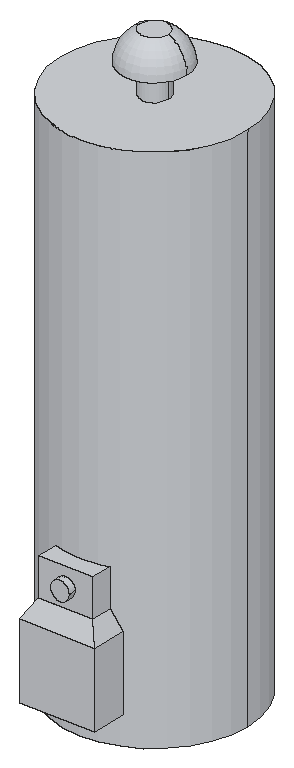
Revit family "M_Aquecedor de água", category Equipamento mecânico, Revit 2019
Family settings
  Cota do conector redondo = Usar raio
  Tipo de parte = Normal
  Número OmniClass = 23.65.35.11.11
  Título OmniClass = Storage Water Heaters
  ID de item do Seek = Water Heater-0000-CAN-ENU
  Com base no plano de trabalho = Não
  Sempre na vertical = Sim
  Corte com vazios quando carregada = Não
  Compartilhado = Não
  Ponto de cálculo do ambiente = Não
Parameters (values of type "152 L")
  Raio do aquecedor de água = 254 mm
  Material do aquecedor de água = none
  Altura do aquecedor de água = 1448 mm
  Raio do sanitário = 7.5 mm
  Diâmetro do sanitário = Raio do sanitário * 2  # 15 mm
  Voltagem = 240 V
  Raio da ventilação = 40 mm
  Diâmetro da ventilação = Raio da ventilação * 2  # 80 mm
  Número de pólos = 2
  Classificação de carga = Eletrodoméstico - Unidade de interrupção
  Raio da água quente = 10 mm
  Diâmetro da água quente = Raio da água quente * 2  # 20 mm
  Raio da água gelada = 10 mm
  Diâmetro da água gelada = Raio da água gelada * 2  # 20 mm
  Carga aparente = 4500 VA
Types (5, lengths in mm): name | Raio do aquecedor de água | Altura do aquecedor de água | Raio da ventilação | Diâmetro da ventilação | Raio da água quente | Diâmetro da água quente | Raio da água gelada | Diâmetro da água gelada
  (no name) | 254 | 1448 | 40 | 80 | 10 | 20 | 10 | 20
  152 L | 254 | 1448 | 40 | 80 | 10 | 20 | 10 | 20
  190 L | 279 | 1467 | 40 | 80 | 10 | 20 | 10 | 20
  285 L | 324 | 1492 | 50 | 100 | 12.5 | 25 | 12.5 | 25
  380 L | 337 | 1696 | 50 | 100 | 16 | 32 | 16 | 32
Reference planes
  plane 1 "Centro (Frente/Trás)": y = 0
  plane 2: z = 0
  plane 3 "Centro (Esquerda/Direita)": x = 0
  plane 4: z = 1448
  plane 5: z = 1524.2
  plane 6: z = 76.2
  plane 7: z = 279.4
  plane 8: z = 330.2
  plane 9: z = 431.8
  plane 10: x = -101.6
  plane 11: x = 101.6
  plane 12: y = -254
  plane 13: y = -327.819
  plane 14: x = -73.025
  plane 15: x = 73.025
  plane 16: y = -300.831
  plane 17: z = 381
  plane 18: y = -319.881
  plane 19: x = -254
  plane 20: x = 254
  plane 21: x = -152.4
  plane 22: x = 152.4
  plane 23: x = 38.1
  plane 24: x = -38.1
  plane 25: z = 1604.522
Forms (mm)
  Extrusion 1, solid, material <- "Material do aquecedor de água"
    sketch origin (0, 0, 0) x (1, 0, 0) y (0, 1, 0)
      loop
        circle (0, 0) r 254
    from 0 to 1448
  Extrusion 2, solid, material <- "Material do aquecedor de água"
    sketch origin (828.204, 0, 1612.9) x (1, 0, 0) y (0, 1, 0)
      loop
        circle (-828.204, 0) r 38.1
    from -164.9 to -8.378
  Extrusion 3, solid, material <- "Material do aquecedor de água"
    sketch origin (828.204, 0, 1612.9) x (1, 0, 0) y (0, 1, 0)
      loop
        line (-929.804, -232.795) -> (-929.804, -327.819) -> (-726.604, -327.819) -> (-726.604, -232.795)
        arc (-726.604, -232.795) -> (-828.204, -254) -> (-929.804, -232.795) r 254
    from -1536.7 to -1333.5
  Extrusion 4, solid, material <- "Material do aquecedor de água"
    sketch origin (828.204, 0, 1612.9) x (1, 0, 0) y (0, 1, 0)
      loop
        line (-901.229, -243.276) -> (-901.229, -300.831) -> (-755.179, -300.831) -> (-755.179, -243.276)
        arc (-755.179, -243.276) -> (-828.204, -254) -> (-901.229, -243.276) r 254
    from -1282.7 to -1181.1
  Blend 5, solid, material <- "Material do aquecedor de água"
    base sketch origin (828.204, 0, 1612.9) x (1, 0, 0) y (0, 1, 0)
      loop
        line (-901.229, -243.276) -> (-901.229, -300.831) -> (-755.179, -300.831) -> (-755.179, -243.276)
        arc (-755.179, -243.276) -> (-828.204, -254) -> (-901.229, -243.276) r 254
    top sketch origin (828.204, 0, 1612.9) x (1, 0, 0) y (0, 1, 0)
      loop
        line (-929.804, -232.795) -> (-929.804, -327.819) -> (-726.604, -327.819) -> (-726.604, -232.795)
        arc (-726.604, -232.795) -> (-828.204, -254) -> (-929.804, -232.795) r 254
    from -1282.7 to -1333.5
  Extrusion 6, solid, material <- "Material do aquecedor de água"
    sketch origin (0, 0, 0) x (1, 0, 0) y (0, 0, 1)
      loop
        circle (0, 381) r 25.4
    from 319.881 to 300.831
  Revolve 7, solid, material <- "Material do aquecedor de água"
    sketch origin (0, 0, 0) x (1, 0, 0) y (0, 0, 1)
      loop
        arc (88.9, 1524.2) -> (75.134, 1571.719) -> (38.1, 1604.522) r 88.9
        line (38.1, 1604.522) -> (38.1, 1524.2) -> (88.9, 1524.2)
      axis (0, 1604.522) -> (0, 1524.2)
    angle from 0 to 360
  Extrusion 8, solid, material <- "Material do aquecedor de água"
    sketch origin (388.619, 0, 1612.9) x (1, 0, 0) y (0, 1, 0)
      loop
        circle (-541.019, 0) r 12.7
    from -192.597 to -164.9
  Extrusion 9, solid, material <- "Material do aquecedor de água"
    sketch origin (-388.619, 0, 1612.9) x (-1, 0, 0) y (0, -1, 0)
      loop
        circle (-541.019, 0) r 12.7
    from -192.597 to -164.9
  Extrusion 10, solid, material <- "Material do aquecedor de água"
    sketch origin (388.619, 0, 1612.9) x (1, 0, 0) y (0, 1, 0)
      loop
        circle (-388.619, 0) r 6.35
    from -25.4 to -8.378
Cuts and joins
  joined: Extrusion 2, Extrusion 3, Extrusion 4, Extrusion 6, Revolve 7, Extrusion 10
  joined: Extrusion 1, Extrusion 8, Extrusion 9
Lines and regions (mm)
  symbolic lines
    curve 1: circle (0, 0, 1612.9) r 254 normal (0, 0, 1)
  symbolic lines, detail levels fine
    curve 2: circle (0, 0, 1612.9) r 38.1 normal (0, 0, 1)
    curve 3: circle (0, 0, 1612.9) r 88.9 normal (0, 0, 1)
    curve 4: line (-101.6, -232.795, 1612.9) -> (-101.6, -327.819, 1612.9)
    curve 5: line (-101.6, -327.819, 1612.9) -> (101.6, -327.819, 1612.9)
    curve 6: line (101.6, -327.819, 1612.9) -> (101.6, -232.795, 1612.9)
    curve 7: line (73.025, -243.276, 1612.9) -> (73.025, -300.831, 1612.9)
    curve 8: line (73.025, -300.831, 1612.9) -> (-73.025, -300.831, 1612.9)
    curve 9: line (-73.025, -300.831, 1612.9) -> (-73.025, -243.276, 1612.9)
    curve 10: line (-73.025, -300.831, 1612.9) -> (-99.966, -327.772, 1612.9)
    curve 11: line (73.025, -300.831, 1612.9) -> (100.013, -327.819, 1612.9)
    curve 12: line (-25.4, -319.881, 1612.9) -> (25.4, -319.881, 1612.9)
    curve 13: line (25.4, -319.881, 1612.9) -> (25.4, -300.831, 1612.9)
    curve 14: line (-25.4, -319.881, 1612.9) -> (-25.4, -300.831, 1612.9)
Dimensions and locks
  "Altura do aquecedor de água": plane 4 to plane 2
  plane 5 to plane 4 = 76.2 mm
  locked: plane 2 to plane 6 at 76.2
  plane 6 to plane 7 = 203.2 mm
  locked: plane 7 to plane 8 at 50.8
  locked: plane 8 to plane 9 at 101.6
  locked: plane 10 to plane 3 "Centro (Esquerda/Direita)" at 101.6
  locked: plane 11 to plane 3 "Centro (Esquerda/Direita)" at 101.6
  "Raio do aquecedor de água": plane 12 to plane 1 "Centro (Frente/Trás)"
  locked: plane 14 to plane 3 "Centro (Esquerda/Direita)" at 73.025
  locked: plane 3 "Centro (Esquerda/Direita)" to plane 15 at 73.025
  locked: plane 13 to plane 12 at 73.819
  locked: plane 12 to plane 16 at 46.831
  locked: plane 16 to plane 18 at 19.05
  "Raio do aquecedor de água": plane 19 to plane 3 "Centro (Esquerda/Direita)"
  "Raio do aquecedor de água": plane 20 to plane 3 "Centro (Esquerda/Direita)"
  locked: plane 19 to plane 21 at 101.6
  locked: plane 22 to plane 20 at 101.6
  locked: plane 5 to plane 25 at 80.322
  "Raio do aquecedor de água": radius of Extrusion 1 sketch curve
  "Raio do aquecedor de água": radius of Extrusion 3 sketch curve
  "Raio do aquecedor de água": radius of Extrusion 4 sketch curve
  "Raio do aquecedor de água": radius of Blend 5 sketch curve  (x2)
  "Raio do aquecedor de água": radius of curve 1
  radius of curve 2 = 38.1 mm
  radius of curve 3 = 88.9 mm
  aligned and locked: plane 4 to Extrusion 1
  aligned and locked: Extrusion 2 to plane 4
  aligned and locked: plane 3 "Centro (Esquerda/Direita)" to Extrusion 2 sketch curve
  aligned and locked: plane 1 "Centro (Frente/Trás)" to Extrusion 2 sketch curve
  aligned and locked: plane 1 "Centro (Frente/Trás)" to Extrusion 3 sketch curve
  aligned and locked: plane 3 "Centro (Esquerda/Direita)" to Extrusion 3 sketch curve
  aligned and locked: Extrusion 3 sketch curve to plane 13
  aligned and locked: plane 11 to Extrusion 3 sketch curve
  aligned and locked: Extrusion 3 sketch curve to plane 10
  aligned and locked: Extrusion 3 to plane 6
  aligned and locked: plane 7 to Extrusion 3
  aligned and locked: Extrusion 4 sketch curve to plane 14
  aligned and locked: plane 15 to Extrusion 4 sketch curve  (x2)
  aligned and locked: Extrusion 4 sketch curve to plane 16
  aligned and locked: Extrusion 4 to plane 8
  aligned and locked: plane 9 to Extrusion 4
  aligned and locked: plane 15 to Blend 5 sketch curve  (x2)
  aligned and locked: plane 14 to Blend 5 sketch curve
  aligned and locked: plane 3 "Centro (Esquerda/Direita)" to Blend 5 sketch curve  (x2)
  aligned and locked: plane 1 "Centro (Frente/Trás)" to Blend 5 sketch curve  (x2)
  aligned and locked: Blend 5 sketch curve to plane 16
  aligned and locked: plane 11 to Blend 5 sketch curve  (x2)
  aligned and locked: Blend 5 sketch curve to plane 13
  aligned and locked: Blend 5 to plane 8
  aligned and locked: Blend 5 to plane 7
  aligned and locked: Extrusion 6 to plane 18
  aligned and locked: plane 16 to Extrusion 6
  aligned and locked: plane 25 to Extrusion 2
  aligned and locked: plane 3 "Centro (Esquerda/Direita)" to Revolve 7 sketch curve
  aligned and locked: plane 5 to Revolve 7 sketch curve  (x3)
  aligned and locked: plane 23 to Revolve 7 sketch curve
  aligned and locked: plane 10 to Blend 5 sketch curve
  aligned and locked: plane 3 "Centro (Esquerda/Direita)" to curve 1
  aligned and locked: plane 1 "Centro (Frente/Trás)" to curve 1
  aligned and locked: plane 3 "Centro (Esquerda/Direita)" to curve 2
  aligned and locked: plane 1 "Centro (Frente/Trás)" to curve 2
  aligned and locked: plane 3 "Centro (Esquerda/Direita)" to curve 3
  aligned and locked: plane 1 "Centro (Frente/Trás)" to curve 3
  aligned and locked: cut or joined group of Extrusion 2, Extrusion 3, Extrusion 4, Extrusion 6, Revolve 7, Extrusion 10 to plane 10
  aligned and locked: cut or joined group of Extrusion 2, Extrusion 3, Extrusion 4, Extrusion 6, Revolve 7, Extrusion 10 to plane 13
  aligned and locked: plane 15 to cut or joined group of Extrusion 2, Extrusion 3, Extrusion 4, Extrusion 6, Revolve 7, Extrusion 10
  aligned and locked: plane 11 to cut or joined group of Extrusion 2, Extrusion 3, Extrusion 4, Extrusion 6, Revolve 7, Extrusion 10
  aligned and locked: plane 13 to curve 11
  aligned and locked: plane 16 to curve 11
  aligned and locked: cut or joined group of Extrusion 2, Extrusion 3, Extrusion 4, Extrusion 6, Revolve 7, Extrusion 10 to plane 16
  aligned and locked: plane 15 to curve 7
  aligned and locked: plane 14 to curve 9
  aligned and locked: plane 21 to Extrusion 8 sketch curve
  aligned and locked: plane 1 "Centro (Frente/Trás)" to Extrusion 8 sketch curve
  aligned and locked: Extrusion 1 to Extrusion 8
  aligned and locked: plane 3 "Centro (Esquerda/Direita)" to Extrusion 10 sketch curve
  aligned and locked: plane 1 "Centro (Frente/Trás)" to Extrusion 10 sketch curve
  aligned and locked: plane 4 to Extrusion 9
  aligned and locked: plane 25 to Extrusion 10
Automatic sketch dimensions
  Extrusion 1 sketch curve to plane 1 "Centro (Frente/Trás)" = 0 mm
  Extrusion 1 sketch curve to plane 3 "Centro (Esquerda/Direita)" = 0 mm
  curve 4 to plane 10 = 0 mm
  curve 14 to plane 18 = 0 mm
  curve 6 to plane 11 = 0 mm
  curve 6 to plane 13 = 0 mm
  plane 13 to curve 10 = 0.047 mm
  plane 10 to curve 10 = 1.634 mm
  curve 14 to plane 24 = 12.7 mm
  plane 23 to curve 13 = 12.7 mm
  curve 11 to plane 11 = 1.587 mm
  Extrusion 4 sketch curve to plane 1 "Centro (Frente/Trás)" = 0 mm
  Extrusion 4 sketch curve to plane 3 "Centro (Esquerda/Direita)" = 0 mm
  Extrusion 6 sketch curve to plane 3 "Centro (Esquerda/Direita)" = 0 mm
  Extrusion 6 sketch curve to plane 17 = 0 mm
  Revolve 7 sketch curve to plane 3 "Centro (Esquerda/Direita)" = 0 mm
  Revolve 7 sketch curve to plane 5 = 0 mm
  Revolve 7 sketch curve to plane 25 = 0 mm  (x2)
  Extrusion 9 sketch curve to plane 1 "Centro (Frente/Trás)" = 0 mm
  Extrusion 9 sketch curve to plane 22 = 0 mm
  radius of Extrusion 2 sketch curve = 38.1 mm
  radius of Extrusion 6 sketch curve = 25.4 mm
  radius of Extrusion 8 sketch curve = 12.7 mm
  radius of Extrusion 9 sketch curve = 12.7 mm
  radius of Extrusion 10 sketch curve = 6.35 mm
Connectors
  piping at (152.4, 0, 1448), diameter 20, driven by "Raio da água gelada"
    settings: on Extrusion 9, index 1, connector inside diameter 20 mm, connector length 0 mm, flow factor 0, pipe flow 0.0 L/s, pressure drop 0.0 Pa, fitting loss kfactor 0, connector angle 0.00°, fixture units 0, engagement length 0 mm, angle of deflection 0.00°, flow configuration 1, flow direction 1, fitting loss method 0, system type 20, joint type 0, gender type 0, connector reference index 2, connector utility 0, adjustable connector no, is connector primary yes, connector description "In"
  piping at (-152.4, 0, 1448), diameter 20, driven by "Raio da água quente"
    settings: on Extrusion 8, index 2, connector inside diameter 20 mm, connector length 0 mm, flow factor 0, pipe flow 0.0 L/s, pressure drop 0.0 Pa, fitting loss kfactor 0, connector angle 0.00°, fixture units 0, engagement length 0 mm, angle of deflection 0.00°, flow configuration 0, flow direction 2, fitting loss method 0, system type 19, joint type 0, gender type 0, connector reference index 1, connector utility 0, adjustable connector no, is connector primary no, connector description "Saída"
  piping at (-73.025, -272.054, 381), diameter 15, driven by "Raio do sanitário"
    settings: on cut or joined group of Extrusion 2, Extrusion 3, Extrusion 4, Extrusion 6, Revolve 7, Extrusion 10, index 3, connector inside diameter 15 mm, connector length 0 mm, flow factor 0, pipe flow 0.0 L/s, pressure drop 0.0 Pa, fitting loss kfactor 0, connector angle 0.00°, fixture units 0, engagement length 0 mm, angle of deflection 0.00°, flow configuration 1, flow direction 2, fitting loss method 0, system type 16, joint type 0, gender type 0, connector reference index -1, connector utility 0, adjustable connector yes, is connector primary no, connector description "Saída"
  hvac at (0, 0, 1604.522), driven by "Raio da ventilação"
    settings: on Extrusion 10, index 4, duct flow 0.0 L/s, flow factor 0, pres drop 0.0 Pa, loss coef 0, conn angle 0.00°, conn width 304.8 mm, conn height 304.8 mm, conn diameter 80 mm, duct sys type 3, conn prof type 0, flow config 1, flow direction 2, loss method 0, conn ref index -1, conn util no, is conn primary yes, conn desc ""
  electrical at (73.025, -272.054, 381), driven by "Carga aparente", driven by "Voltagem", driven by "Número de pólos", driven by "Classificação de carga"
    settings: on cut or joined group of Extrusion 2, Extrusion 3, Extrusion 4, Extrusion 6, Revolve 7, Extrusion 10, index 5, voltage 240 V, apparent load 4500 VA, apparent load phase1 0 VA, apparent load phase2 0 VA, apparent load phase3 0 VA, power factor 0.8, load classification "Eletrodoméstico - Unidade de interrupção", number of poles 2, system type 30, power factor state 1, is connector primary yes, connector utility no, sub classification motor no, connector description ""
